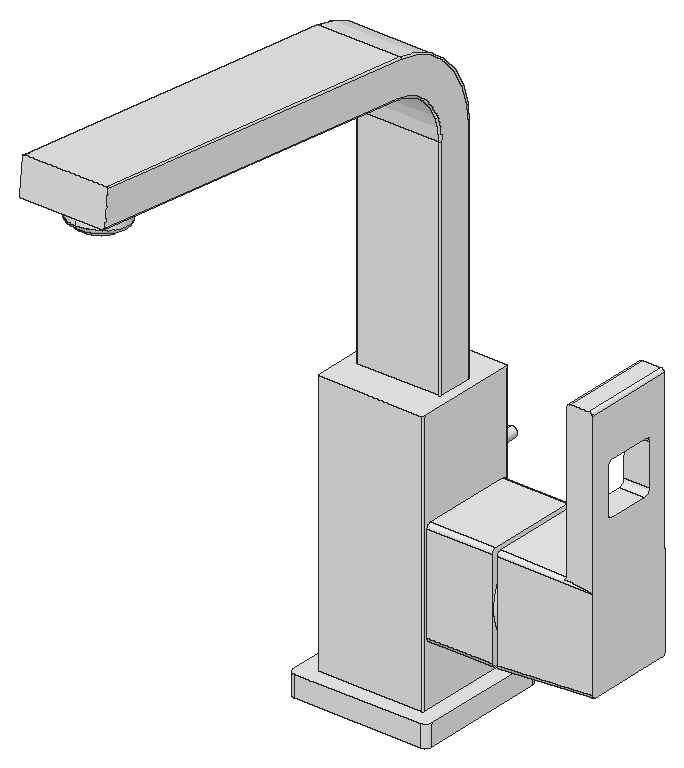
Revit family "Faucet-Lavatory-Grohe-Eurocube-2318400_Series", category Plumbing Fixtures, Revit 2014
Parameters (values of type "23184000")
  cUPC Compliant = yes
  Waste Connection = no
  Warranty Documentation Link = "https://cdn.cloud.grohe.com/tpi/1000/1900/1940/1949/1949006/original/1949006.pdf"
  WFU = 0
  Vent Connection = no
  URL = "http://www.grohe.com/ca-en/"
  Shipping Weight = 6.06 lbf
  Product Page URL = "https://www.grohe.com/ca-en/6401/bathroom/bathroom-faucets/eurocube/product-details/?product=23184-G318&color=000&material=23184000"
  Price = "Prices may vary. Please consult Manufacturer Representative for most up-to-date price list."  # constant formula
  Model = "23184000"
  Material = "Metal-Grohe-000-Chrome"
  Manufacturer = "Grohe"
  Length = 5 7/8"  # constant formula
  Installation Type = "Deck-Mounted"
  Hot Water Connection Radius = 3/16"
  Hot Water Connection Diameter = 3/8"
  Height = 9 3/4"  # constant formula
  HWFU = 1.5
  HW Connection = yes
  Flow Rate = "1.5 gpm (5.7 L/min)"
  Finish = Metal-Grohe-000-Chrome
  Description = "Eurocube Lavatory Centerset"
  Default Elevation = 0"
  Creation Date = "1/26/2017"  # constant formula
  Cold Water Connection Radius = 3/16"
  Cold Water Connection Diameter = Cold Water Connection Radius * 2  # 3/8"
  CalGreen Compliant = yes
  CWFU = 1.5
  CW Connection = yes
  Assembly Code = "D2020300"
  ADA Compliant = yes
Types (3): name | Product Page URL | Model | Material | Flow Rate | Finish
  (no name) | "https://www.grohe.com/ca-en/6401/bathroom/bathroom-faucets/eurocube/product-details/?product=23184-G318&color=000&material=23184000" | "23184000" | "Metal-Grohe-000-Chrome" | "1.5 gpm (5.7 L/min)" | Metal-Grohe-000-Chrome
  23184000 | "https://www.grohe.com/ca-en/6401/bathroom/bathroom-faucets/eurocube/product-details/?product=23184-G318&color=000&material=23184000" | "23184000" | "Metal-Grohe-000-Chrome" | "1.5 gpm (5.7 L/min)" | Metal-Grohe-000-Chrome
  2318400A | "https://www.grohe.com/ca-en/6401/bathroom/bathroom-faucets/eurocube/product-details/?product=23184-G318&color=00A&material=2318400A" | "2318400A" | "Metal-Grohe-00A-Chrome" | "1.2 gpm (4.56 L/min)" | Metal-Grohe-00A-Chrome
Reference planes (in)
  plane 1 "Center (Front/Back)": y = 0
  plane 2: z = 0
  plane 3 "Center (Left/Right)": x = 0
  plane 4: x = -1.03125
  plane 5: x = 1.03125
  plane 6: y = 1.03125
  plane 7: y = -1.03125
  plane 8: x = -0.84646
  plane 9: x = 0.84646
  plane 10: x = -0.79326
  plane 11: x = 0.79326
  plane 12: z = 9.75
  plane 13: z = 8.75
  plane 14: y = -5.875
  plane 15: through (0, -5.875, 8.75) normal (0, -0.9925, 0.1219)
  plane 16: z = 2.79528
  plane 17: z = 1.22047
  plane 18: through (0, 1.0394, 5.04672) normal (0, -0.0003, -1)
Forms (in)
  Extrusion 1, solid, material "Metal-Grohe-000-Chrome" <- "Finish"
    sketch origin (0, 0, 0) x (1, 0, 0) y (0, 1, 0)
      loop
        arc (-0.93662, 1.03125) -> (-1.00353, 1.00353) -> (-1.03125, 0.93662) r 0.09463
        line (-1.03125, 0.93662) -> (-1.03125, -0.9375)
        arc (-1.03125, -0.9375) -> (-1.00379, -1.00379) -> (-0.9375, -1.03125) r 0.09375
        line (-0.9375, -1.03125) -> (0.9375, -1.03125)
        arc (0.9375, -1.03125) -> (1.00379, -1.00379) -> (1.03125, -0.9375) r 0.09375
        line (1.03125, -0.9375) -> (1.03125, 0.9375)
        arc (1.03125, 0.9375) -> (1.00379, 1.00379) -> (0.9375, 1.03125) r 0.09375
        line (0.9375, 1.03125) -> (-0.93662, 1.03125)
    from 0 to 0.31496
  Extrusion 2, solid, material "Metal-Grohe-000-Chrome" <- "Finish"
    sketch origin (0, 0, 0) x (1, 0, 0) y (0, 1, 0)
      loop
        circle (-0.34003, 0) r 0.1875
      loop
        circle (0.34003, 0) r 0.1875
    from 0 to 1.04198
  Extrusion 3, solid, material "Metal-Grohe-000-Chrome" <- "Finish"
    sketch origin (0, 0, 0) x (1, 0, 0) y (0, 1, 0)
      loop
        line (0.76772, 0.7874) -> (-0.76772, 0.7874)
        arc (-0.76772, 0.7874) -> (-0.78164, 0.78164) -> (-0.7874, 0.76772) r 0.01969
        line (-0.7874, 0.76772) -> (-0.7874, -0.76772)
        arc (-0.7874, -0.76772) -> (-0.78164, -0.78164) -> (-0.76772, -0.7874) r 0.01969
        line (-0.76772, -0.7874) -> (0.76772, -0.7874)
        arc (0.76772, -0.7874) -> (0.78164, -0.78164) -> (0.7874, -0.76772) r 0.01969
        line (0.7874, -0.76772) -> (0.7874, 0.76772)
        arc (0.7874, 0.76772) -> (0.78164, 0.78164) -> (0.76772, 0.7874) r 0.01969
    from 0 to 4.25197
  Extrusion 4, solid, material "Metal-Grohe-000-Chrome" <- "Finish"
    sketch origin (0, 0, 0) x (0, 1, 0) y (0, 0, 1)
      loop
        line (0.67102, 2.79528) -> (-0.67154, 2.79528)
        arc (-0.67154, 2.79528) -> (-0.71574, 2.77697) -> (-0.73404, 2.73278) r 0.0625
        line (-0.73404, 2.73278) -> (-0.73404, 1.28297)
        arc (-0.73404, 1.28297) -> (-0.71574, 1.23878) -> (-0.67154, 1.22047) r 0.0625
        line (-0.67154, 1.22047) -> (0.67154, 1.22047)
        arc (0.67154, 1.22047) -> (0.71574, 1.23878) -> (0.73404, 1.28297) r 0.0625
        line (0.73404, 1.28297) -> (0.73404, 2.73226)
        arc (0.73404, 2.73226) -> (0.71558, 2.77682) -> (0.67102, 2.79528) r 0.06302
    from 0 to 1.77165
  Revolve 5, solid, material "Metal-Grohe-000-Chrome" <- "Finish"
    sketch origin (0, 0, 0) x (1, 0, 0) y (0, 0, 1)
      loop
        line (2.23489, 2.00761) -> (1.56963, 2.00761) -> (1.56963, 1.28297) -> (1.77165, 1.28297)
        arc (1.77165, 1.28297) -> (2.10918, 1.57759) -> (2.23489, 2.00761) r 0.7984
      axis (2.23489, 2.00761) -> (1.56963, 2.00761)
    angle from 0 to 360
  Sweep 6, solid, material "Metal-Grohe-000-Chrome" <- "Finish"
    path origin (0, 0, 0) x (0, 1, 0) y (0, 0, 1)
      loop
        line (0, 2.79528) -> (0, 7.64017)
        arc (0, 7.64017) -> (-0.29717, 8.42452) -> (-1.03946, 8.81506) r 1.18372
        line (-1.03946, 8.81506) -> (-6.50049, 9.48559)
    profile origin (0, 0, 5.21772) x (0, -1, 0) y (1, 0, 0)
      loop
        arc (-0.27561, -0.60642) -> (-0.26873, -0.62304) -> (-0.25211, -0.62992) r 0.0235
        line (-0.25211, -0.62992) -> (0.25217, -0.62992)
        arc (0.25217, -0.62992) -> (0.26874, -0.62306) -> (0.27561, -0.60648) r 0.02344
        line (0.27561, -0.60648) -> (0.27561, 0.60648)
        arc (0.27561, 0.60648) -> (0.26874, 0.62306) -> (0.25217, 0.62992) r 0.02344
        line (0.25217, 0.62992) -> (-0.25217, 0.62992)
        arc (-0.25217, 0.62992) -> (-0.26874, 0.62306) -> (-0.27561, 0.60648) r 0.02344
        line (-0.27561, 0.60648) -> (-0.27561, -0.60642)
  Revolve 7, solid, material "Metal-Grohe-000-Chrome" <- "Finish"
    sketch origin (0, 0, 0) x (0, 1, 0) y (0, 0, 1)
      loop
        line (-5.64676, 8.73517) -> (-5.59423, 8.72872) -> (-5.54868, 8.79376) -> (-5.50345, 8.78821)
        arc (-5.50345, 8.78821) -> (-5.46648, 8.79846) -> (-5.44759, 8.83185) r 0.05013
        line (-5.44759, 8.83185) -> (-5.39173, 9.2868) -> (-5.80289, 9.33729) -> (-5.8734, 8.763) -> (-5.82005, 8.75645) -> (-5.81599, 8.78953) -> (-5.78341, 8.78553) -> (-5.78747, 8.75245) -> (-5.74925, 8.74775) -> (-5.74519, 8.78083) -> (-5.71262, 8.77684) -> (-5.71668, 8.74375) -> (-5.67846, 8.73906) -> (-5.6744, 8.77214) -> (-5.63805, 8.76768) -> (-5.64211, 8.7346)
      axis (-5.80289, 9.33729) -> (-5.8734, 8.763)
    angle from 0 to 360
  Sweep 8, solid, material "Metal-Grohe-000-Chrome" <- "Finish"
    path origin (0, 0, 0) x (0, 1, 0) y (0, 0, 1)
      loop
        line (1.84407, 2.62505) -> (1.33148, 2.62505)
        arc (1.33148, 2.62505) -> (1.25246, 2.59937) -> (1.20363, 2.53216) r 0.13442
        line (1.20363, 2.53216) -> (0.64856, 0.82382)
    profile origin (0, 1.58778, 2.62505) x (0, 0, -1) y (1, 0, 0)
      loop
        circle (0, 0) r 0.07813
  Blend 9, solid, material "Metal-Grohe-000-Chrome" <- "Finish"
    base sketch origin (0, 0, 0) x (0, 1, 0) y (0, 0, 1)
      loop
        line (0.67102, 2.79528) -> (-0.67154, 2.79528)
        arc (-0.67154, 2.79528) -> (-0.71574, 2.77697) -> (-0.73404, 2.73278) r 0.0625
        line (-0.73404, 2.73278) -> (-0.73404, 1.28297)
        arc (-0.73404, 1.28297) -> (-0.71574, 1.23878) -> (-0.67154, 1.22047) r 0.0625
        line (-0.67154, 1.22047) -> (0.67154, 1.22047)
        arc (0.67154, 1.22047) -> (0.71574, 1.23878) -> (0.73404, 1.28297) r 0.0625
        line (0.73404, 1.28297) -> (0.73404, 2.73226)
        arc (0.73404, 2.73226) -> (0.71558, 2.77682) -> (0.67102, 2.79528) r 0.06302
    top sketch origin (0, 0, 0) x (0, 1, 0) y (0, 0, 1)
      loop
        line (0.61685, 2.73278) -> (-0.61837, 2.73278)
        arc (-0.61837, 2.73278) -> (-0.65597, 2.7172) -> (-0.67154, 2.6796) r 0.05317
        line (-0.67154, 2.6796) -> (-0.67154, 1.33766)
        arc (-0.67154, 1.33766) -> (-0.65552, 1.29899) -> (-0.61685, 1.28297) r 0.05469
        line (-0.61685, 1.28297) -> (0.61685, 1.28297)
        arc (0.61685, 1.28297) -> (0.65552, 1.29899) -> (0.67154, 1.33766) r 0.05469
        line (0.67154, 1.33766) -> (0.67154, 2.67809)
        arc (0.67154, 2.67809) -> (0.65552, 2.71676) -> (0.61685, 2.73278) r 0.05469
    from 1.85011 to 3.21528
  Extrusion 10, solid, material "Metal-Grohe-000-Chrome" <- "Finish"
    sketch origin (0, 0, 0) x (1, 0, 0) y (0, 0, 1)
      loop
        arc (2.83457, 2.81871) -> (2.80252, 2.74134) -> (2.72515, 2.7093) r 0.10942
        line (2.72515, 2.7093) -> (2.72515, 1.4593) -> (3.43146, 1.4593) -> (3.43146, 5.10436) -> (2.89352, 5.10436)
        arc (2.89352, 5.10436) -> (2.85184, 5.0871) -> (2.83457, 5.04541) r 0.05895
        line (2.83457, 5.04541) -> (2.83457, 2.81871)
    from -0.66141 to 0.67154
  Extrusion 11, void
    sketch origin (0, 0, 0) x (1, 0, 0) y (0, 0, 1)
      loop
        line (3.21528, 0.92318) -> (3.66589, 0.92318) -> (3.66589, 5.28079) -> (3.16589, 5.28079) -> (3.16589, 5.10436)
        arc (3.16589, 5.10436) -> (3.20081, 5.0899) -> (3.21528, 5.05497) r 0.04939
        line (3.21528, 5.05497) -> (3.21528, 0.92318)
    from -0.7874 to 0.7874
  Extrusion 12, void
    sketch origin (0, 0, 0) x (0, 1, 0) y (0, 0, 1)
      loop
        line (0.30935, 4.33703) -> (-0.30935, 4.33801)
        arc (-0.30935, 4.33801) -> (-0.36881, 4.3135) -> (-0.39352, 4.25411) r 0.08403
        line (-0.39352, 4.25411) -> (-0.3945, 3.63556)
        arc (-0.3945, 3.63556) -> (-0.36943, 3.57475) -> (-0.30869, 3.54948) r 0.08594
        line (-0.30869, 3.54948) -> (0.3081, 3.5486)
        arc (0.3081, 3.5486) -> (0.3689, 3.57367) -> (0.39416, 3.6344) r 0.08594
        line (0.39416, 3.6344) -> (0.39515, 4.25095)
        arc (0.39515, 4.25095) -> (0.37008, 4.31176) -> (0.30935, 4.33703) r 0.08594
    from 2.61635 to 3.66589
Cuts and joins
  Extrusion 11, Extrusion 12 cuts Blend 9
  Extrusion 11, Extrusion 12 cuts Extrusion 10
  joined: Extrusion 1, Extrusion 2, Extrusion 3, Extrusion 4, Revolve 5, Sweep 6, Revolve 7, Sweep 8, Blend 9, Extrusion 10
Lines and regions (in)
  Masking region 1
    outline origin (0, 0, 0) x (1, 0, 0) y (0, 1, 0)
      loop
        line (-0.9375, -1.03125) -> (-0.62992, -1.03125) -> (-0.62992, -6.53408) -> (0.62992, -6.53408) -> (0.62992, -1.03125) -> (0.9375, -1.03125)
        arc (0.9375, -1.03125) -> (1.00379, -1.00379) -> (1.03125, -0.9375) r 0.09375
        line (1.03125, -0.9375) -> (1.03125, -0.73404) -> (1.77165, -0.73404) -> (1.85011, -0.6829) -> (1.85011, -0.73404) -> (3.21528, -0.67154) -> (3.21528, 0.67154) -> (1.85011, 0.73404) -> (1.85011, 0.6829) -> (1.77165, 0.73404) -> (1.03125, 0.73404) -> (1.03125, 0.9375)
        arc (1.03125, 0.9375) -> (1.00379, 1.00379) -> (0.9375, 1.03125) r 0.09375
        line (0.9375, 1.03125) -> (0.07813, 1.03125) -> (0.07813, 1.84407) -> (-0.07812, 1.84407) -> (-0.07812, 1.03125) -> (-0.93662, 1.03125)
        arc (-0.93662, 1.03125) -> (-1.00353, 1.00353) -> (-1.03125, 0.93662) r 0.09463
        line (-1.03125, 0.93662) -> (-1.03125, -0.9375)
        arc (-1.03125, -0.9375) -> (-1.00379, -1.00379) -> (-0.9375, -1.03125) r 0.09375
  symbolic lines, detail levels medium+fine
    curve 1: line (-0.07812, 1.03125, 0) -> (-0.07812, 0.7874, 0)
    curve 2: line (-0.07812, 0.7874, 0) -> (-0.76919, 0.7874, 0)
    curve 3: line (-0.7874, 0.76919, 0) -> (-0.7874, -0.76787, 0)
    curve 4: line (-0.62992, -1.03125, 0) -> (-0.62992, -0.7874, 0)
    curve 5: line (-0.62992, -0.7874, 0) -> (-0.76787, -0.7874, 0)
    curve 6: line (1.03125, 0.73404, 0) -> (0.7874, 0.73404, 0)
    curve 7: line (1.03125, -0.73404, 0) -> (0.7874, -0.73404, 0)
    curve 8: arc (-0.76919, 0.7874, 0) -> (-0.78207, 0.78207, 0) -> (-0.7874, 0.76919, 0) r 0.01822
    curve 9: arc (-0.76787, -0.7874, 0) -> (-0.78168, -0.78168, 0) -> (-0.7874, -0.76787, 0) r 0.01953
    curve 10: line (0.07813, 1.03125, 0) -> (0.07813, 0.7874, 0)
    curve 11: line (0.07813, 0.7874, 0) -> (0.76919, 0.7874, 0)
    curve 12: line (0.7874, 0.76919, 0) -> (0.7874, 0.73404, 0)
    curve 13: line (0.62992, -1.03125, 0) -> (0.62992, -0.7874, 0)
    curve 14: line (0.62992, -0.7874, 0) -> (0.76787, -0.7874, 0)
    curve 15: arc (0.76919, 0.7874, 0) -> (0.78207, 0.78207, 0) -> (0.7874, 0.76919, 0) r 0.01822
    curve 16: arc (0.76787, -0.7874, 0) -> (0.78168, -0.78168, 0) -> (0.7874, -0.76787, 0) r 0.01953
    curve 17: line (0.7874, -0.73404, 0) -> (0.7874, -0.76787, 0)
    curve 18: line (-0.07812, 0.7874, 0) -> (0.07813, 0.7874, 0)
    curve 19: line (0.7874, 0.73404, 0) -> (0.7874, -0.73404, 0)
    curve 21: line (1.85011, 0.6829, 0) -> (1.85011, -0.6829, 0)
  symbolic lines, detail levels fine
    curve 20: line (1.77165, 0.73404, 0) -> (1.77165, -0.73404, 0)
    curve 22: line (-0.5969, 0.27561, 0) -> (0.59867, 0.27561, 0)
    curve 23: line (0.62992, -0.7874, 0) -> (0.62992, 0.24436, 0)
    curve 24: line (-0.62992, -0.7874, 0) -> (-0.62992, 0.24258, 0)
    curve 25: line (3.21528, 0.66141, 0) -> (2.83457, 0.66141, 0)
    curve 26: line (2.83457, 0.66141, 0) -> (2.83457, -0.67154, 0)
    curve 27: line (2.83457, -0.67154, 0) -> (3.21548, -0.67154, 0)
    curve 28: arc (-0.62992, 0.24258, 0) -> (-0.62025, 0.26594, 0) -> (-0.5969, 0.27561, 0) r 0.03303
    curve 29: arc (0.62992, 0.24436, 0) -> (0.62077, 0.26646, 0) -> (0.59867, 0.27561, 0) r 0.03125
Dimensions and locks (in)
  equal spacing: plane 4, plane 3 "Center (Left/Right)", plane 5
  locked: plane 4 to plane 5 at 2.0625
  equal spacing: plane 7, plane 1 "Center (Front/Back)", plane 6
  locked: plane 7 to plane 6 at 2.0625
  "Height": plane 12 to level
  locked: plane 13 to level at 8.75
  "Length": plane 1 "Center (Front/Back)" to plane 14
  "Hot Water Connection Diameter": diameter of Extrusion 2 sketch curve
  "Cold Water Connection Diameter": diameter of Extrusion 2 sketch curve
  angle plane 14 to plane 15 = 7.00°
  aligned and locked: plane 6 to Extrusion 1 sketch curve
  aligned and locked: plane 7 to Extrusion 1 sketch curve
  aligned and locked: Extrusion 1 sketch curve to plane 4
  aligned and locked: Extrusion 1 sketch curve to plane 5
Automatic sketch dimensions
  plane 8 to Extrusion 1 sketch curve = 0.09104"
  plane 8 to Extrusion 1 sketch curve = 0.09016"
  plane 9 to Extrusion 1 sketch curve = 0.09104"  (x2)
  plane 1 "Center (Front/Back)" to Extrusion 2 sketch curve = 0"  (x2)
  Extrusion 2 sketch curve to plane 3 "Center (Left/Right)" = 0.34003"
  plane 3 "Center (Left/Right)" to Extrusion 2 sketch curve = 0.34003"
  plane 10 to Extrusion 3 sketch curve = 0.00586"
  plane 10 to Extrusion 3 sketch curve = 0.02554"
  plane 6 to Extrusion 3 sketch curve = 0.26353"
  plane 11 to Extrusion 3 sketch curve = 0.00586"
  Extrusion 3 sketch curve to Extrusion 3 sketch curve = 0.01969"  (x3)
  plane 7 to Extrusion 3 sketch curve = 0.26353"
  plane 16 to Extrusion 4 sketch curve = 0"
  plane 17 to Extrusion 4 sketch curve = 0"
  Extrusion 4 sketch curve to plane 17 = 1/16"
  plane 7 to Extrusion 4 sketch curve = 0.29721"
  Extrusion 4 sketch curve to Extrusion 4 sketch curve = 1/16"  (x2)
  plane 16 to Extrusion 4 sketch curve = 0.06302"
  plane 6 to Extrusion 4 sketch curve = 0.36023"
  plane 5 to Revolve 5 sketch curve = 0.40524"
  Revolve 5 sketch curve to plane 17 = 1/16"
  plane 5 to Revolve 5 sketch curve = 0.53838"
  Revolve 5 sketch curve to Revolve 5 sketch curve = 0.20203"
  Revolve 5 sketch curve to Revolve 5 sketch curve = 0.66526"
  Revolve 5 sketch curve to Revolve 5 sketch curve = 0.04376"
  Revolve 5 sketch curve to Revolve 5 sketch curve = 1/4"
  Revolve 5 sketch curve to Revolve 5 sketch curve = 0"
  Sweep 6 sketch curve to plane 1 "Center (Front/Back)" = 0"
  plane 16 to Sweep 6 sketch curve = 0"
  Sweep 6 sketch curve to plane 7 = 0.00821"
  Sweep 6 sketch curve to plane 7 = 0.15247"
  Sweep 6 sketch curve to plane 13 = 1.10983"
  Sweep 6 sketch curve to plane 12 = 0.26441"
  plane 14 to Sweep 6 sketch curve = 0.62549"
  profile plane to Sweep 6 sketch curve = 0.27561"
  Sweep 6 sketch curve to Sweep 6 sketch curve = 3/128"  (x2)
  Sweep 6 sketch curve to Sweep 6 sketch curve = 0.0235"
  Sweep 6 sketch curve to profile plane = 0.25217"  (x2)
  Sweep 6 sketch curve to plane 3 "Center (Left/Right)" = 0.62992"
  plane 3 "Center (Left/Right)" to Sweep 6 sketch curve = 0.60648"
  Revolve 7 sketch curve to plane 15 = 0"  (x4)
  Revolve 7 sketch curve to plane 14 = 0.0016"
  plane 13 to Revolve 7 sketch curve = 0.00645"
  plane 13 to Revolve 7 sketch curve = 0.03953"
  Revolve 7 sketch curve to plane 14 = 0.07211"
  plane 13 to Revolve 7 sketch curve = 0.00245"
  Revolve 7 sketch curve to Revolve 7 sketch curve = 0.03257"  (x2)
  Revolve 7 sketch curve to plane 13 = 0.00225"
  plane 13 to Revolve 7 sketch curve = 0.03083"
  Revolve 7 sketch curve to plane 13 = 0.00625"
  Revolve 7 sketch curve to plane 13 = 0.01094"
  plane 13 to Revolve 7 sketch curve = 0.02214"
  plane 13 to Revolve 7 sketch curve = 0.01768"
  Revolve 7 sketch curve to plane 13 = 0.02128"
  Revolve 7 sketch curve to Revolve 7 sketch curve = 0.04383"
  plane 13 to Revolve 7 sketch curve = 0.04376"
  Revolve 7 sketch curve to Revolve 7 sketch curve = 0.04554"
  plane 13 to Revolve 7 sketch curve = 0.03821"
  Revolve 7 sketch curve to Revolve 7 sketch curve = 0.04523"
  Revolve 7 sketch curve to Revolve 7 sketch curve = 0.00611"
  plane 13 to Revolve 7 sketch curve = 0.08185"
  Revolve 7 sketch curve to Revolve 7 sketch curve = 0.04975"
  plane 14 to Revolve 7 sketch curve = 0.00514"
  plane 14 to Revolve 7 sketch curve = 0.00969"
  Revolve 7 sketch curve to plane 13 = 0.01483"
  Sweep 8 sketch curve to plane 6 = 0.17238"
  Sweep 8 sketch curve to Sweep 8 sketch curve = 0.12785"
  plane 16 to Sweep 8 sketch curve = 0.30465"
  Sweep 8 sketch curve to Sweep 8 sketch curve = 0.04154"
  plane 6 to Sweep 8 sketch curve = 0.38269"
  Sweep 8 sketch curve to Sweep 8 sketch curve = 0.5126"
  plane 17 to Sweep 8 sketch curve = 0.39666"
  Sweep 8 sketch curve to plane 3 "Center (Left/Right)" = 0"
  Sweep 8 sketch curve to profile plane = 0"
  plane 17 to Blend 9 sketch curve = 0"
  plane 16 to Blend 9 sketch curve = 0"
  plane 16 to Blend 9 sketch curve = 1/16"  (x2)
  plane 7 to Blend 9 sketch curve = 0.29721"
  Blend 9 sketch curve to Blend 9 sketch curve = 1/16"
  plane 6 to Blend 9 sketch curve = 0.36023"
  plane 6 to Blend 9 sketch curve = 0.35971"
  plane 16 to Blend 9 sketch curve = 0.06302"
  plane 16 to Blend 9 sketch curve = 0.11567"
  plane 7 to Blend 9 sketch curve = 0.35971"
  Blend 9 sketch curve to Blend 9 sketch curve = 7/128"  (x2)
  Blend 9 sketch curve to plane 17 = 1/16"
  plane 6 to Blend 9 sketch curve = 0.4144"  (x2)
  plane 16 to Extrusion 10 sketch curve = 0.08598"
  plane 5 to Extrusion 10 sketch curve = 1.6939"
  Extrusion 10 sketch curve to Extrusion 10 sketch curve = 0.05895"
  Extrusion 10 sketch curve to Extrusion 10 sketch curve = 0.53794"
  Extrusion 10 sketch curve to plane 17 = 0.23882"
  Extrusion 10 sketch curve to Extrusion 10 sketch curve = 2.2267"
  Extrusion 10 sketch curve to plane 16 = 3/128"
  plane 5 to Extrusion 11 sketch curve = 2.13464"
  Extrusion 11 sketch curve to Extrusion 11 sketch curve = 0.04939"
  Extrusion 11 sketch curve to Extrusion 11 sketch curve = 1/2"
  Extrusion 11 sketch curve to plane 16 = 2.25969"
  Extrusion 11 sketch curve to Extrusion 11 sketch curve = 0.22582"
  plane 17 to Extrusion 11 sketch curve = 0.29729"
  plane 1 "Center (Front/Back)" to Extrusion 12 sketch curve = 0.3945"
  plane 1 "Center (Front/Back)" to Extrusion 12 sketch curve = 0.39352"
  Extrusion 12 sketch curve to Extrusion 12 sketch curve = 0.08403"
  Extrusion 12 sketch curve to Extrusion 12 sketch curve = 0.00013"  (x2)
  Extrusion 12 sketch curve to Extrusion 12 sketch curve = 0.08581"
  Extrusion 12 sketch curve to Extrusion 12 sketch curve = 0.00012"  (x2)
  Extrusion 12 sketch curve to plane 1 "Center (Front/Back)" = 0.3081"
  Extrusion 12 sketch curve to plane 1 "Center (Front/Back)" = 0.30921"
  Extrusion 12 sketch curve to Extrusion 12 sketch curve = 0.00014"  (x2)
  Extrusion 12 sketch curve to Extrusion 12 sketch curve = 11/128"  (x3)
  Extrusion 12 sketch curve to plane 16 = 0.75332"
  Extrusion 12 sketch curve to Extrusion 12 sketch curve = 0.00089"
  Extrusion 12 sketch curve to Extrusion 12 sketch curve = 0.0858"
  Extrusion 12 sketch curve to Extrusion 12 sketch curve = 0.61655"
  Extrusion 12 sketch curve to Extrusion 12 sketch curve = 0.61856"
  Masking region 1 sketch curve to plane 4 = 0"
  Masking region 1 sketch curve to plane 7 = 0"  (x2)
  plane 6 to Masking region 1 sketch curve = 0"  (x2)
  Masking region 1 sketch curve to plane 5 = 0"  (x2)
  plane 8 to Masking region 1 sketch curve = 0.09104"
  plane 8 to Masking region 1 sketch curve = 0.09016"
  plane 10 to Masking region 1 sketch curve = 0.16334"
  Masking region 1 sketch curve to plane 3 "Center (Left/Right)" = 5/64"
  plane 3 "Center (Left/Right)" to Masking region 1 sketch curve = 5/64"
  plane 11 to Masking region 1 sketch curve = 0.16334"
  plane 9 to Masking region 1 sketch curve = 0.09104"  (x2)
  plane 6 to Masking region 1 sketch curve = 0.29721"
  Masking region 1 sketch curve to Masking region 1 sketch curve = 0.7404"  (x2)
  plane 7 to Masking region 1 sketch curve = 0.29721"
  Masking region 1 sketch curve to Masking region 1 sketch curve = 0.07846"  (x2)
  plane 7 to Masking region 1 sketch curve = 0.34835"
  plane 6 to Masking region 1 sketch curve = 0.35971"
  Masking region 1 sketch curve to Masking region 1 sketch curve = 1.36517"
  plane 14 to Masking region 1 sketch curve = 0.65908"
  Masking region 1 sketch curve to Masking region 1 sketch curve = 0.05114"  (x3)
  plane 7 to Masking region 1 sketch curve = 0.35971"
  Masking region 1 sketch curve to Masking region 1 sketch curve = 0.81282"
  curve 4 to plane 7 = 0"
  plane 6 to curve 1 = 0"
  plane 6 to curve 10 = 0"
  curve 13 to plane 7 = 0"
  curve 6 to plane 5 = 0"
  curve 7 to plane 5 = 0"
  plane 11 to curve 12 = 0.00586"
  plane 11 to curve 11 = 0.02407"
  plane 11 to curve 14 = 0.02539"
  curve 23 to curve 14 = 0.13795"
  curve 22 to curve 23 = 1/32"
  plane 3 "Center (Left/Right)" to curve 11 = 5/64"
  curve 18 to plane 3 "Center (Left/Right)" = 5/64"
  plane 10 to curve 22 = 0.19637"
  plane 10 to curve 5 = 0.16334"
  plane 10 to curve 9 = 0.02539"
  plane 10 to curve 8 = 0.02407"
  plane 10 to curve 3 = 0.00586"
  plane 7 to curve 26 = 0.35971"
  plane 5 to curve 26 = 1.80332"
  plane 7 to curve 24 = 0.24385"
  plane 7 to curve 14 = 0.24385"
  curve 16 to curve 17 = 0.03383"
  curve 29 to plane 1 "Center (Front/Back)" = 0.24436"
  plane 6 to curve 26 = 0.36984"
  plane 6 to curve 12 = 0.29721"
  curve 6 to curve 12 = 9/256"
  plane 7 to curve 20 = 0.29721"
  curve 7 to curve 20 = 0.7404"
  curve 20 to curve 21 = 0.07846"
  curve 25 to curve 25 = 0.38071"
  curve 26 to curve 27 = 0.38091"
  curve 20 to curve 21 = 0.05114"
  plane 6 to curve 21 = 0.34835"
  curve 21 to curve 20 = 0.05114"
  radius of Sweep 8 sketch curve = 5/64"
Connectors (in)
  piping at (-0.34003, 0, 0), diameter 0.375, driven by "HWFU", driven by "Hot Water Connection Diameter"
    settings: on Extrusion 2, index 1, connector inside diameter 24", connector length 0", flow factor 0, pipe flow 0 GPM, pressure drop 0.00 psi, fitting loss kfactor 0, connector angle 0.00°, fixture units 1.5, engagement length 0", angle of deflection 0.00°, flow configuration 3, flow direction 1, fitting loss method 0, system type 19, joint type 0, gender type 0, connector reference index -1, connector utility 0, adjustable connector no, is connector primary yes, connector description "3/8\" NPT HW Inlet"
  piping at (0.34003, 0, 0), diameter 0.375, driven by "CWFU", driven by "Cold Water Connection Diameter"
    settings: on Extrusion 2, index 2, connector inside diameter 24", connector length 0", flow factor 0, pipe flow 0 GPM, pressure drop 0.00 psi, fitting loss kfactor 0, connector angle 0.00°, fixture units 1.5, engagement length 0", angle of deflection 0.00°, flow configuration 3, flow direction 1, fitting loss method 0, system type 20, joint type 0, gender type 0, connector reference index -1, connector utility 0, adjustable connector no, is connector primary no, connector description "3/8\" NPT CW Inlet"
